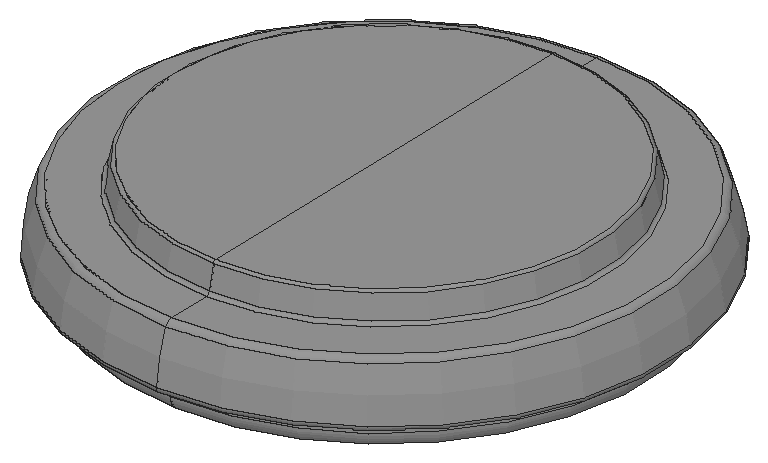
Revit family "FMK11_63_UN_Surface-mounted_ETK", category Lighting Fixtures, Revit 2017 (continued)
Definition of nested family "FMK.1 - Lightsource"
  Types (13, lengths in mm): name | Wattage Comments | Photometric Web File | built-in parameter 1150142 | Apparent Load
      3384\t405.5595\t405.017\t403.9123\t402.4111\t400.3595\t397.8451\t394.7084\t391.0909\t387.0552\r\n382.4227\t377.3501\t371.7125\t365.6289\t359.0797\t352.0101\t344.5153\t336.5336\t328.0834\t319.186\r\n310.0492\t300.3991\t290.6808\t280.0535\t269.1382\t257.6606\t245.9715\t234.0356\t221.994\t209.6474\r\n197.1639\t184.5242\t171.8904\t158.2648\t144.4077\t130.6839\t117.093\t103.3426\t89.5213\t76.4321\r\n62.9064\t50.3095\t38.9022\t28.6824\t0\t0\r\n405.3384\t405.5619\t405.0308\t404.1037\t402.4481\t400.3826\t397.8529\t394.7029\t391.0716\t386.9514\r\n382.295\t377.2986\t371.6562\t365.6032\t359.0556\t351.9937\t344.5103\t336.584\t328.1776\t319.3532\r\n310.0974\t300.3356\t290.3174\t279.8488\t269.1115\t258.1537\t246.5385\t234.5863\t222.1937\t209.6472\r\n196.9332\t184.0086\t170.9271\t157.807\t144.7993\t131.1715\t116.9912\t103.0076\t89.4388\t75.7848\r\n62.8691\t50.2334\t38.592\t27.1196\t0\t0\r\n405.3384\t405.5633\t405.0407\t404.1312\t402.6392\t400.4187\t397.881\t394.7292\t391.0895\t386.9644\r\n382.2746\t377.1648\t371.4996\t365.4693\t358.9878\t351.9131\t344.4464\t336.5353\t328.1318\t319.3478\r\n310.1011\t300.4485\t290.394\t279.9618\t269.1603\t257.9107\t246.3524\t234.5985\t222.4284\t210.1088\r\n197.3969\t184.1969\t170.8703\t157.4428\t143.9608\t130.43\t116.9468\t103.5478\t89.3098\t75.5778\r\n62.4619\t50.0702\t38.7502\t24.5387\t1.901\t0\r\n405.3384\t405.5636\t405.0466\t404.1492\t402.6681\t400.5955\t398.0664\t394.9307\t391.1454\t387.0248\r\n382.3139\t377.1828\t371.4901\t365.4554\t358.8567\t351.7264\t344.248\t336.3296\t327.9212\t319.2201\r\n309.9694\t300.3191\t290.2888\t279.8993\t269.135\t258.007\t246.5323\t234.736\t222.5462\t210.0919\r\n197.3723\t184.3271\t171.1345\t157.7225\t144.2137\t130.4595\t116.5463\t102.7293\t88.9906\t75.6756\r\n62.4842\t49.7099\t38.4108\t19.5388\t9.0852\t0\r\n405.3384\t405.5627\t405.0483\t404.1575\t402.6822\t400.6129\t398.0939\t394.9827\t391.3659\t387.2691\r\n382.55\t377.4142\t371.7081\t365.686\t358.9237\t351.7483\t344.2571\t336.3046\t327.8656\t319.0519\r\n309.7319\t300.073\t290.0393\t279.6352\t268.8689\t257.7186\t246.2608\t234.4573\t222.2884\t210.0107\r\n197.2602\t184.3582\t171.2221\t157.8358\t144.2992\t130.7043\t116.8944\t103.0094\t89.1137\t75.4482\r\n62.0725\t49.5077\t38.5681\t16.4085\t6.3848\t0\r\n405.3384\t405.5608\t405.0458\t404.1562\t402.6815\t400.6096\t398.0931\t394.9913\t391.3746\t387.2895\r\n382.5726\t377.4458\t371.7456\t365.7409\t359.116\t351.9176\t344.4382\t336.4672\t328.028\t319.2025\r\n309.8386\t300.1705\t290.1395\t279.7338\t268.942\t257.7639\t246.2815\t234.4244\t222.1929\t209.9028\r\n196.969\t184.0235\t170.8906\t157.4183\t143.9226\t130.2982\t116.5333\t102.7217\t88.9801\t75.3324\r\n62.0708\t49.4881\t37.8886\t16.6443\t6.3206\t4.5649\r\n405.3384\t405.5579\t405.0392\t404.1453\t402.6658\t400.5861\t398.064\t394.9565\t391.3223\t387.2272\r\n382.4989\t377.367\t371.656\t365.6345\t358.8616\t351.6754\t344.1767\t336.2087\t327.7721\t318.9511\r\n309.6246\t299.9461\t289.9153\t279.5013\t268.7141\t257.5244\t246.0492\t234.2476\t222.0584\t209.8057\r\n197.0631\t184.1389\t170.9819\t157.6062\t144.0805\t130.4305\t116.7655\t102.8872\t88.9857\t75.3165\r\n61.9974\t49.5022\t38.5004\t19.5133\t10.1573\t0\r\n405.3384\t405.5537\t405.0285\t404.1246\t402.6354\t400.5421\t398.006\t394.879\t391.057\t386.9398\r\n382.2102\t377.0886\t371.3854\t365.3521\t358.7336\t351.5762\t344.0881\t336.1427\t327.7345\t319.0228\r\n309.7484\t300.0828\t290.0448\t279.6173\t268.8275\t257.6208\t246.1171\t234.3028\t222.0743\t209.66\r\n196.8854\t183.8167\t170.5486\t157.0989\t143.5804\t129.9288\t116.1512\t102.4281\t88.8066\t75.5773\r\n62.493\t49.7093\t38.2595\t25.0307\t14.9589\t0\r\n405.3384\t405.5487\t405.0137\t404.0945\t402.5903\t400.3393\t397.7919\t394.6519\t390.9587\t386.8388\r\n382.1207\t377.0237\t371.3413\t365.3181\t358.8128\t351.6794\t344.2118\t336.2599\t327.8486\t319.0383\r\n309.7477\t300.0564\t289.9668\t279.4805\t268.6528\t257.2839\t245.7289\t233.9178\t221.7092\t209.3665\r\n196.5454\t183.3687\t170.0181\t156.5779\t143.1684\t129.7197\t116.3848\t103.1589\t88.9988\t75.3396\r\n62.3046\t50.0937\t38.8254\t28.0997\t2.873\t0\r\n405.3384\t405.5424\t404.9947\t404.055\t402.3835\t400.2776\t397.7298\t394.604\t390.8997\t386.7863\r\n382.0919\t377.1147\t371.4463\t365.407\t358.8101\t351.6735\t344.1847\t336.2129\t327.7678\t318.9134\r\n309.5687\t299.7567\t289.6031\t279.1338\t268.3599\t257.1899\t245.6509\t233.7994\t221.2737\t208.667\r\n195.8953\t182.9771\t169.8766\t156.7282\t143.8338\t130.2381\t116.1827\t102.4101\t88.9484\t75.4168\r\n62.7296\t50.3091\t39.1414\t29.704\t0\t0\r\n405.3384\t405.5351\t404.9716\t403.8532\t402.3311\t400.2301\t397.6855\t394.5908\t390.8787\t386.8617\r\n382.175\t377.112\t371.4367\t365.3594\t358.743\t351.6058\t344.0956\t336.0642\t327.5154\t318.5932\r\n309.2834\t299.6126\t289.6216\t279.1214\t268.1429\t256.518\t244.9018\t233.0679\t220.8676\t208.4546\r\n195.9224\t183.2678\t170.6349\t156.9081\t143.1149\t129.4264\t115.9638\t102.4748\t88.9243\t76.0325\r\n62.7599\t50.5163\t39.7576\t30.4051\t0\t0\r\n405.3384\t405.5268\t404.9446\t403.805\t402.2873\t400.1964\t397.6585\t394.6138\t390.9631\t386.846\r\n382.1518\t377.0764\t371.382\t365.2552\t358.5991\t351.4668\t343.8615\t335.8105\t327.4306\t318.7174\r\n309.3728\t299.5147\t288.9811\t278.3636\t267.4085\t256.1152\t244.6556\t232.9217\t220.9954\t208.7993\r\n196.6284\t183.2571\t169.7766\t156.2175\t142.8009\t129.5874\t115.8561\t102.4694\t89.5373\t75.801\r\n62.8374\t50.9146\t40.2047\t6.0894\t0\t0\r\n405.3384\t405.5175\t404.9137\t403.7611\t402.2519\t400.1761\t397.6486\t394.7553\t390.9488\t386.789\r\n382.1121\t377.0119\t371.2861\t365.1175\t358.3294\t351.2537\t343.813\t335.977\t327.5604\t318.4278\r\n308.6974\t298.7546\t288.5068\t277.9956\t267.1616\t256.1159\t244.8144\t233.2945\t221.7169\t208.8064\r\n195.7188\t182.5554\t169.3922\t156.2082\t142.9406\t129.1804\t115.9091\t102.9762\t89.1253\t75.8369\r\n63.1021\t51.3207\t40.5082\t0\t0\t0\r\n405.3384\t405.5071\t404.732\t403.7215\t402.2248\t400.1686\t397.7338\t394.8479\t390.8965\t386.7357\r\n382.0539\t376.9054\t371.1484\t364.8842\t358.2241\t351.4508\t343.9783\t335.7216\t326.8896\t317.6788\r\n308.2461\t298.3973\t288.3086\t277.939\t267.2925\t256.4485\t245.5245\t233.6216\t220.7985\t208.0817\r\n195.2276\t182.3754\t169.6036\t156.0708\t142.5048\t129.2499\t116.3261\t102.426\t89.0803\t75.9582\r\n63.4055\t51.6359\t45.2068\t0\t0\t0\r\n405.3384\t405.4958\t404.7008\t403.6862\t402.2055\t400.2642\t397.7241\t394.865\t390.8568\t386.6659\r\n381.976\t376.6726\t370.9429\t364.8366\t358.4087\t351.334\t343.5563\t334.9914\t326.3919\t317.3169\r\n308.0073\t298.2976\t288.3747\t278.1618\t267.7576\t257.0033\t244.8286\t232.6273\t220.2623\t207.8032\r\n195.2499\t182.6548\t169.1292\t155.7437\t142.619\t129.6789\t115.7028\t102.2394\t89.062\t76.0071\r\n63.5996\t51.8486\t11.6838\t0\t0\t0\r\n405.3384\t405.4834\t404.6711\t403.6553\t402.1936\t400.258\t397.6979\t394.8548\t390.809\t386.5801\r\n381.7953\t376.5628\t370.9021\t365.0558\t358.2517\t350.708\t342.8497\t334.6091\t326.0741\t317.1853\r\n307.9783\t298.4528\t288.6922\t278.8691\t267.9516\t256.0449\t244.1901\t232.1682\t220.074\t207.8676\r\n195.4583\t182.0264\t168.8523\t155.8456\t142.9997\t129.0282\t115.4645\t102.3448\t88.8812\t76.0111\r\n63.697\t51.9403\t0\t0\t0\t0\r\n405.3384\t405.4702\t404.6431\t403.6287\t402.2832\t400.2467\t397.6616\t394.8126\t390.7531\t386.4813\r\n381.7031\t376.5033\t371.0899\t364.866\t357.6417\t350.2384\t342.4952\t334.4178\t325.9215\t317.2094\r\n308.1434\t298.8419\t289.3001\t278.281\t266.9656\t255.5234\t243.8676\t232.0908\t220.4035\t207.9609\r\n194.7531\t181.8051\t168.927\t156.2326\t142.3126\t128.7065\t115.4865\t101.9757\t88.7309\t76.0048\r\n63.7421\t56.6766\t0\t0\t0\t0\r\n405.3384\t405.4561\t404.6167\t403.6076\t402.2769\t400.2274\t397.6166\t394.7349\t390.6867\t386.33\r\n381.656\t376.7279\t370.9169\t364.2502\t357.2389\t349.8681\t342.264\t334.3087\t325.9477\t317.3662\r\n308.4811\t299.3487\t288.5326\t277.6229\t266.5022\t255.2499\t243.8518\t232.5118\t220.0293\t207.2658\r\n194.5118\t181.8749\t169.3599\t155.551\t141.9034\t128.5853\t115.2093\t101.7082\t88.6305\t75.9892\r\n63.7506\t34.8823\t0\t0\t0\t0\r\n405.3384\t405.441\t404.5919\t403.5925\t402.2647\t400.2005\t397.5636\t394.6195\t390.511\t386.2918\r\n381.8682\t376.6329\t370.3868\t363.8318\t356.9304\t349.652\t342.1589\t334.2951\t326.1382\t317.7058\r\n308.9338\t298.5236\t287.9506\t277.1892\t266.2979\t255.2333\t244.3108\t232.0843\t219.5682\t206.9936\r\n194.5653\t182.2533\t168.7385\t155.1122\t141.7148\t128.5532\t114.8199\t101.4796\t88.5326\t75.9589\r\n63.7436\t0\t0\t0\t0\t0\r\n405.3384\t405.4251\t404.5685\t403.5817\t402.2465\t400.1668\t397.508\t394.4112\t390.4413\t386.2913\r\n381.8067\t376.4311\t370.0062\t363.505\t356.7156\t349.5603\t342.1638\t334.4401\t326.4674\t318.1326\r\n308.1103\t297.9214\t287.5762\t277.012\t266.3002\t255.6656\t243.832\t231.5923\t219.2864\t207.014\r\n194.9442\t181.7689\t168.1866\t154.8828\t141.8181\t128.0517\t114.4929\t101.2468\t88.4031\t75.8633\r\n69.485\t0\t0\t0\t0\t0\r\n405.3384\t405.2485\t404.5335\t403.6645\t402.2224\t400.1255\t397.475\t394.1709\t390.3989\t386.5385\r\n381.6223\t375.8443\t369.6864\t363.2614\t356.5777\t349.5494\t342.2587\t334.7322\t326.9154\t317.3685\r\n307.5367\t297.5489\t287.3558\t277.0195\t266.7127\t255.5088\t243.294\t231.2722\t219.2355\t207.2358\r\n194.7953\t181.1626\t167.9131\t154.7557\t141.4371\t127.7042\t114.2298\t101.0851\t88.2593\t75.7374\r\n52.566\t0\t0\t0\t0\t0\r\n405.3384\t405.2313\t404.5149\t403.6585\t402.1924\t400.0874\t397.4062\t394.0524\t390.3827\t386.4783\r\n381.347\t375.4965\t369.4174\t363.101\t356.5087\t349.625\t342.4702\t335.2626\t326.2434\t316.8153\r\n307.1624\t297.3178\t287.3215\t277.1874\t266.6991\t254.7569\t242.9726\t231.1253\t219.3601\t207.4539\r\n194.0571\t180.8106\t167.6988\t154.8237\t140.9526\t127.3463\t114.024\t100.9381\t88.1442\t75.6199\r\n8.3292\t0\t0\t0\t0\t0\r\n405.3384\t405.2143\t404.4979\t403.65\t402.1564\t400.0372\t397.3255\t393.9625\t390.6129\t386.3063\r\n380.8286\t375.1745\t369.2361\t363.0129\t356.5201\t349.7807\t343.0483\t335.0507\t325.7043\t316.3858\r\n306.914\t297.2339\t287.4377\t277.4576\t265.9553\t254.3844\t242.7811\t231.1938\t219.6917\t206.6946\r\n193.5598\t180.5774\t167.6861\t154.2617\t140.5223\t127.0588\t113.7914\t100.7972\t88.0366\t83.4326\r\n0\t0\t0\t0\t0\t0\r\n405.3384\t405.1978\t404.4825\t403.6384\t402.0911\t399.9817\t397.1408\t393.8852\t390.547\t386.0015\r\n380.5505\t374.9336\t369.1354\t362.9788\t356.6063\t350.0031\t343.0514\t334.2028\t325.2569\t316.0815\r\n306.771\t297.3248\t287.8218\t276.8308\t265.4808\t254.1562\t242.7619\t231.3645\t219.1669\t206.151\r\n193.2513\t180.4127\t167.6455\t153.7701\t140.1673\t126.7721\t113.5971\t100.6559\t87.9035\t73.2104\r\n0\t0\t0\t0\t0\t0\r\n405.3384\t405.1816\t404.4685\t403.6236\t402.0462\t399.9218\t397.0406\t393.8449\t390.4197\t385.4588\r\n380.303\t374.7523\t369.0481\t362.9941\t356.7556\t350.4899\t342.3766\t333.7323\t324.91\t315.93\r\n306.7423\t297.7012\t287.638\t276.3403\t265.2041\t254.0066\t242.8588\t231.5472\t218.5675\t205.791\r\n193.0312\t180.5339\t166.992\t153.2951\t139.8329\t126.5198\t113.4096\t100.488\t87.7644\t50.183\r\n0\t0\t0\t0\t0\t0\r\n405.3384\t405.1658\t404.4556\t403.605\t402.0047\t399.8587\t396.9678\t394.0484\t390.2485\t385.1764\r\n380.0833\t374.6292\t368.9744\t363.0772\t356.9562\t350.3807\t341.8775\t333.354\t324.6587\t315.8276\r\n306.8408\t297.6991\t286.865\t275.9921\t265.0466\t254.0282\t243.181\t230.8144\t218.1129\t205.4704\r\n192.95\t180.3241\t166.4787\t152.9016\t139.4897\t126.2465\t113.2069\t100.3244\t87.5932\t7.0091\r\n0\t0\t0\t0\t0\t0\r\n405.3384\t405.1736\t404.4436\t403.5723\t401.9608\t399.8075\t396.909\t394.0477\t390.0041\t384.9479\r\n379.8834\t374.551\t368.9703\t363.21\t357.4063\t349.6805\t341.4574\t333.0643\t324.521\t315.8139\r\n307.234\t297.0694\t286.4243\t275.712\t264.9568\t254.1683\t243.0001\t230.2308\t217.7563\t205.2779\r\n193.0318\t179.6139\t166.0256\t152.5274\t139.1851\t126.0071\t112.9942\t100.1243\t93.9816\t0\r\n0\t0\t0\t0\t0\t0\r\n405.3384\t405.1582\t404.4323\t403.5458\t401.9186\t399.7372\t396.864\t393.9692\t389.4676\t384.7303\r\n379.7002\t374.4837\t369.0179\t363.3474\t357.309\t349.2254\t341.1152\t332.8524\t324.4403\t315.899\r\n307.1158\t296.6023\t286.0655\t275.5201\t264.9227\t254.484\t242.2719\t229.8418\t217.4461\t205.1551\r\n192.8003\t179.0668\t165.548\t152.1467\t138.9029\t125.7703\t112.7705\t99.923\t81.4643\t0\r\n0\t0\t0\t0\t0\t0\r\n405.3384\t405.1427\t404.4215\t403.5172\t401.8789\t399.5738\t396.8307\t393.84\t389.2108\t384.5347\r\n379.5711\t374.4387\t369.0911\t363.8155\t356.9853\t348.8325\t340.836\t332.7132\t324.4347\t316.2659\r\n306.469\t296.1791\t285.8331\t275.4029\t264.9879\t254.1807\t241.7605\t229.4924\t217.282\t205.2627\r\n192.1131\t178.5645\t165.1154\t151.7836\t138.585\t125.5095\t112.5563\t99.7128\t60.9146\t0\r\n0\t0\t0\t0\t0\t0\r\n405.3384\t405.1268\t404.411\t403.4869\t401.8689\t399.5039\t396.8145\t393.6447\t388.9954\t384.3538\r\n379.4857\t374.4179\t369.1782\t363.8193\t356.2567\t348.5043\t340.6114\t332.606\t324.4985\t316.1813\r\n306.0112\t295.8319\t285.6355\t275.3934\t265.2495\t253.4097\t241.2878\t229.2124\t217.1097\t205.0994\r\n191.5675\t178.0818\t164.7012\t151.456\t138.2911\t125.2321\t112.3059\t99.4762\t16.2983\t0\r\n0\t0\t0\t0\t0\t0\r\n405.3384\t405.1108\t404.4903\t403.4555\t401.8237\t399.4103\t397.0305\t393.4442\t388.8336\t384.1754\r\n379.4075\t374.43\t369.2737\t363.6191\t355.8892\t348.234\t340.4491\t332.5491\t324.8276\t315.8567\r\n305.6102\t295.5819\t285.4934\t275.413\t265.0581\t252.9031\t240.9149\t228.9525\t217.0191\t204.6975\r\n191.0128\t177.6397\t164.3329\t151.1167\t137.9969\t124.9687\t112.062\t107.5917\t0.7007\t0\r\n0\t0\t0\t0\t0\t0\r\n405.3384\t405.0944\t404.4708\t403.4232\t401.771\t399.3535\t397.0169\t393.0022\t388.6496\t384.0408\r\n379.3374\t374.4627\t369.6852\t362.9627\t355.5698\t348.0061\t340.3388\t332.5584\t324.7942\t315.1398\r\n305.2951\t295.3698\t285.4247\t275.6825\t264.3367\t252.5037\t240.6145\t228.7679\t217.1002\t203.9238\r\n190.5367\t177.2097\t163.9532\t150.792\t137.717\t124.7302\t111.8063\t98.8725\t0\t0\r\n0\t0\t0\t0\t0\t0\r\n405.3384\t405.0776\t404.4545\t403.3908\t401.7101\t399.3099\t396.9567\t392.7976\t388.4495\t383.9609\r\n379.2847\t374.4998\t369.6843\t362.5741\t355.27\t347.8284\t340.249\t332.6102\t324.5858\t314.7295\r\n304.9935\t295.2193\t285.3785\t275.5735\t263.8563\t252.1042\t240.3755\t228.643\t216.8475\t203.3823\r\n190.0477\t176.7881\t163.6007\t150.4803\t137.4402\t124.4543\t111.5517\t85.0694\t0\t0\r\n0\t0\t0\t0\t0\t0\r\n405.3384\t405.0604\t404.4375\t403.3708\t401.6143\t399.2784\t396.8678\t392.6205\t388.286\t383.8712\r\n379.2482\t374.5384\t369.5416\t362.2694\t354.9882\t347.6747\t340.2311\t332.9204\t323.9709\t314.3815\r\n304.7666\t295.0886\t285.3921\t275.2484\t263.399\t251.7743\t240.1515\t228.5226\t216.4169\t202.8894\r\n189.6152\t176.4056\t163.2526\t150.1706\t137.1488\t124.1833\t111.2847\t67.3012\t0\t0\r\n0\t0\t0\t0\t0\t0\r\n405.3384\t405.0427\t404.4198\t403.3318\t401.5423\t399.2809\t396.7363\t392.489\t388.1443\t383.7593\r\n379.2585\t374.6007\t369.2833\t361.9708\t354.796\t347.5124\t340.2151\t332.8981\t323.5654\t314.0775\r\n304.5571\t295.0196\t285.6448\t274.5513\t263.0117\t251.4537\t239.942\t228.6113\t215.6596\t202.3901\r\n189.1856\t176.0419\t162.932\t149.883\t136.8857\t123.9284\t122.8764\t24.0819\t0\t0\r\n0\t0\t0\t0\t0\t0\r\n405.3384\t405.0244\t404.402\t403.293\t401.4733\t399.2445\t396.6121\t392.3366\t388.0271\t383.6686\r\n379.2507\t374.9702\t368.6448\t361.6732\t354.6081\t347.4237\t340.1562\t332.7313\t323.2268\t313.8119\r\n304.3844\t294.9379\t285.5233\t274.1363\t262.6612\t251.2131\t239.7592\t228.325\t215.0958\t201.9145\r\n188.7725\t175.6617\t162.5822\t149.5668\t136.5956\t123.6688\t120.5677\t9.957\t0\t0\r\n0\t0\t0\t0\t0\t0\r\n405.3384\t405.0054\t404.384\t403.2512\t401.3208\t399.1951\t396.4819\t392.1762\t387.9514\t383.5908\r\n379.2078\t374.9606\t368.3521\t361.3828\t354.4067\t347.3472\t340.1951\t332.3855\t322.9143\t313.5971\r\n304.2281\t294.8631\t285.2223\t273.7182\t262.3605\t251.0007\t239.6319\t227.9627\t214.5968\t201.4525\r\n188.3381\t175.2686\t162.2411\t149.2486\t136.2977\t123.3792\t114.9625\t0\t0\t0\r\n0\t0\t0\t0\t0\t0\r\n405.3384\t404.9858\t404.3663\t403.2062\t401.2807\t399.3352\t396.3671\t391.9995\t387.8556\t383.5414\r\n379.1954\t374.8369\t368.0781\t361.1669\t354.2081\t347.2392\t340.4601\t331.7946\t322.572\t313.375\r\n304.1344\t294.8515\t284.8364\t273.3137\t262.0496\t250.7828\t239.7394\t227.2719\t214.143\t201.0284\r\n187.957\t174.9188\t161.9031\t148.9358\t135.9942\t123.0935\t106.9167\t0\t0\t0\r\n0\t0\t0\t0\t0\t0\r\n405.3384\t404.9657\t404.3491\t403.137\t401.2259\t399.2718\t396.1988\t391.8626\t387.7249\t383.5318\r\n379.2046\t374.674\t367.8035\t360.9786\t354.0767\t347.1349\t340.3019\t331.4341\t322.3187\t313.1475\r\n303.9869\t295.0203\t284.1943\t272.9865\t261.7665\t250.5691\t239.5527\t226.7795\t213.6915\t200.6354\r\n187.5885\t174.5759\t161.5912\t148.6211\t135.6938\t122.7886\t97.1013\t0\t0\t0\r\n0\t0\t0\t0\t0\t0\r\n405.3384\t404.9447\t404.3643\t403.0908\t401.1696\t399.2115\t395.7381\t391.7602\t387.6137\t383.4745\r\n379.2433\t374.4878\t367.536\t360.7869\t353.9653\t347.0886\t340.1271\t331.0609\t322.0462\t312.9846\r\n303.8666\t294.8288\t283.7883\t272.6681\t261.5277\t250.3816\t239.2929\t226.2978\t213.2501\t200.2267\r\n187.218\t174.2303\t161.2676\t148.3254\t135.4154\t122.514\t86.1249\t0\t0\t0\r\n0\t0\t0\t0\t0\t0\r\n405.3384\t404.9229\t404.3466\t403.048\t401.1114\t399.1739\t395.5625\t391.6161\t387.5292\t383.3775\r\n379.2387\t374.3121\t367.2962\t360.5925\t353.8461\t347.0574\t339.9336\t330.7756\t321.7646\t312.7595\r\n303.7724\t294.6075\t283.4083\t272.337\t261.2567\t250.1906\t238.9891\t225.8589\t212.8415\t199.8294\r\n186.8583\t173.8966\t160.9568\t148.0252\t135.1175\t122.2164\t74.5102\t0\t0\t0\r\n0\t0\t0\t0\t0\t0\r\n405.3384\t404.9005\t404.3255\t403.009\t401.0339\t399.1156\t395.4146\t391.4309\t387.4243\t383.3208\r\n379.4976\t373.7544\t367.1078\t360.4023\t353.7011\t347.0017\t339.7099\t330.5052\t321.5623\t312.5965\r\n303.6305\t294.2656\t283.057\t272.0629\t261.0319\t250.0033\t238.6069\t225.4043\t212.4214\t199.4582\r\n186.5098\t173.5796\t160.6474\t147.7264\t134.8117\t134.8645\t35.7949\t0\t0\t0\r\n0\t0\t0\t0\t0\t0\r\n405.3384\t404.8772\t404.301\t402.9743\t400.978\t399.0523\t395.3086\t391.2952\t387.2858\t383.248\r\n379.4366\t373.4825\t366.884\t360.2677\t353.5976\t347.1681\t339.3917\t330.259\t321.3543\t312.4464\r\n303.5241\t293.9556\t282.7
